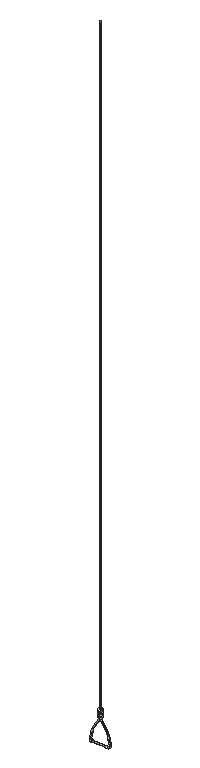
Revit family "Wire-HunterDouglas-Lay-In", category Specialty Equipment, Revit 2013
Parameters (values of type "Parametric")
  ecoScorecard_data = "http://products.ecoscorecard.com/hunterdouglascontract/PTLI"
  ecoScorecard Product Page = "http://hunterdouglascontract.ecoscorecard.com/product/PTLI?base_search=product_category_A1035"
  Wire Hanger = Metal - Aluminum Frame - HunterDouglas - Painted White
  URL = "http://www.hunterdouglascontract.com/ceilings/index.jsp"
  Subcategory = "Metal – Plank and Tile"  # constant formula
  Product Line = "Lay-In"  # constant formula
  Perforations = "http://www.hunterdouglascontract.com/ceilings/metalsystems/plank/layin/index.jsp?t=perfPage"
  Model = "Lay-In Hanger-Wire"  # constant formula
  Manufacturer = "Hunter Douglas Luxalon Metal Ceilings"  # constant formula
  Hanger Wire Height [instance] = 3' - 0"
  Description = "Hanger_Wire"  # constant formula
  Color Finishes = "http://www.hunterdouglascontract.com/ceilings/metalsystems/plank/layin/index.jsp?t=colorPage"
  Assembly Code = "C3030200"
  95 CSI = "09510"  # constant formula
  04 CSI = "09 51 00"  # constant formula
Reference planes (in)
  plane 1 "Center (Front/Back)": y = 0
  plane 2: z = 0
  plane 3 "Center (Left/Right)": x = 0
  plane 4: x = -0.77248
  plane 5: x = 0.77248
  plane 6: z = 2.4375
  plane 7: z = 2.5
  plane 8: z = 36
Dimensions and locks (in)
  equal spacing: plane 4, plane 3 "Center (Left/Right)", plane 5
  plane 4 to plane 5 = 0' - 1.54495"
  locked: plane 6 to plane 7 at 0.0625
  locked: plane 6 to level at 2.4375
  "Hanger Wire Height": plane 8 to level
  aligned and locked: level to plane 2
  aligned and locked: plane 3 "Center (Left/Right)" to nested 1
  aligned and locked: plane 1 "Center (Front/Back)" to nested 1
  aligned and locked: plane 6 to nested 1
Nested families (in)
  nested 1: "Wire" at (0, 0, 0), type "Parametric"
Definition of nested family "Wire"
  Parameters (values of type "Parametric")
    Wire Hanger = Metal - Aluminum Frame - HunterDouglas - Painted White
    URL = "http://www.hunterdouglascontract.com/ceilings/index.jsp"
    Subcategory = "Metal – Linear"  # constant formula
    Product Line = "6-7 Box Series & Deep Box"  # constant formula
    Model = "6-7 Box Series & Deep Box Hanger Wire"  # constant formula
    Manufacturer = "Hunter Douglas Luxalon Metal Ceilings"  # constant formula
    HangerWire Length = 3' - 0"
    Description = "Hanger_Wire"  # constant formula
    Assembly Code = "C3030200"
    95 CSI = "09510"  # constant formula
    04 CSI = "09 51 00"  # constant formula
  Reference planes (in)
    plane 1 "Center (Front/Back)": y = 0
    plane 2: z = 0
    plane 3 "Center (Left/Right)": x = 0
    plane 4: x = -0.77248
    plane 5: x = 0.77248
    plane 6: z = 2.4375
    plane 7: z = 2.5
    plane 8: z = 36
  Forms (in)
    Sweep 1, solid, material "Metal - Aluminum Frame - HunterDouglas - Painted White" <- "Wire Hanger", detail levels fine
      path origin (0, 0, 0) x (1, 0, 0) y (0, 0, 1)
        loop
          line (0.03125, 36) -> (0.03125, 3.70793) -> (0.38236, 3.14135)
          arc (0.38236, 3.14135) -> (0.44435, 3.01623) -> (0.48166, 2.88166) r 0.73777
          line (0.48166, 2.88166) -> (0.5376, 2.56649)
          arc (0.5376, 2.56649) -> (0.51364, 2.47677) -> (0.42949, 2.4375) r 0.1098
          line (0.42949, 2.4375) -> (-0.42976, 2.4375)
          arc (-0.42976, 2.4375) -> (-0.51374, 2.47669) -> (-0.53765, 2.56622) r 0.10957
          line (-0.53765, 2.56622) -> (-0.48246, 2.87715)
          arc (-0.48246, 2.87715) -> (-0.44395, 3.01607) -> (-0.37995, 3.14524) r 0.76163
          line (-0.37995, 3.14524) -> (-0.0384, 3.69638)
      profile origin (-0.00014, 0, 2.4375) x (0, 0, -1) y (0, -1, 0)
        loop
          circle (-0.03125, 0) r 0.03125
    Revolve 2, solid, material "Metal - Aluminum Frame - HunterDouglas - Painted White" <- "Wire Hanger", detail levels fine
      sketch origin (-1.10243, 0, 0.17393) x (0.947216, 0, -0.320596) y (0.320596, 0, 0.947216)
        loop
          line (-0.19925, 4.08974) -> (-0.26999, 4.08974)
          arc (-0.26999, 4.08974) -> (-0.30124, 4.05849) -> (-0.26999, 4.02724) r 0.03125
          line (-0.26999, 4.02724) -> (-0.19925, 4.02724) -> (-0.19925, 4.08974)
        axis (-0.19925, 4.02724) -> (-0.19925, 4.08974)
      angle from 0 to 360
    Revolve 3, solid, material "Metal - Aluminum Frame - HunterDouglas - Painted White" <- "Wire Hanger", detail levels fine
      sketch origin (-1.10243, 0, 0.1083) x (0.947216, 0, -0.320596) y (0.320596, 0, 0.947216)
        loop
          line (-0.19925, 4.08974) -> (-0.26999, 4.08974)
          arc (-0.26999, 4.08974) -> (-0.30124, 4.05849) -> (-0.26999, 4.02724) r 0.03125
          line (-0.26999, 4.02724) -> (-0.19925, 4.02724) -> (-0.19925, 4.08974)
        axis (-0.19925, 4.02724) -> (-0.19925, 4.08974)
      angle from 0 to 360
    Revolve 4, solid, material "Metal - Aluminum Frame - HunterDouglas - Painted White" <- "Wire Hanger", detail levels fine
      sketch origin (-1.10243, 0, 0.04197) x (0.947216, 0, -0.320596) y (0.320596, 0, 0.947216)
        loop
          line (-0.19925, 4.08974) -> (-0.26999, 4.08974)
          arc (-0.26999, 4.08974) -> (-0.30124, 4.05849) -> (-0.26999, 4.02724) r 0.03125
          line (-0.26999, 4.02724) -> (-0.19925, 4.02724) -> (-0.19925, 4.08974)
        axis (-0.19925, 4.02724) -> (-0.19925, 4.08974)
      angle from 0 to 360
    Revolve 5, solid, material "Metal - Aluminum Frame - HunterDouglas - Painted White" <- "Wire Hanger", detail levels fine
      sketch origin (-1.10243, 0, -0.02402) x (0.947216, 0, -0.320596) y (0.320596, 0, 0.947216)
        loop
          line (-0.19925, 4.08974) -> (-0.26999, 4.08974)
          arc (-0.26999, 4.08974) -> (-0.30124, 4.05849) -> (-0.26999, 4.02724) r 0.03125
          line (-0.26999, 4.02724) -> (-0.19925, 4.02724) -> (-0.19925, 4.08974)
        axis (-0.19925, 4.02724) -> (-0.19925, 4.08974)
      angle from 0 to 360
    Revolve 6, solid, material "Metal - Aluminum Frame - HunterDouglas - Painted White" <- "Wire Hanger", detail levels fine
      sketch origin (-1.10243, 0, -0.09) x (0.947216, 0, -0.320596) y (0.320596, 0, 0.947216)
        loop
          line (-0.19925, 4.08974) -> (-0.26999, 4.08974)
          arc (-0.26999, 4.08974) -> (-0.30124, 4.05849) -> (-0.26999, 4.02724) r 0.03125
          line (-0.26999, 4.02724) -> (-0.19925, 4.02724) -> (-0.19925, 4.08974)
        axis (-0.19925, 4.02724) -> (-0.19925, 4.08974)
      angle from 0 to 360
    Revolve 7, solid, material "Metal - Aluminum Frame - HunterDouglas - Painted White" <- "Wire Hanger", detail levels fine
      sketch origin (-1.10243, 0, -0.15751) x (0.947216, 0, -0.320596) y (0.320596, 0, 0.947216)
        loop
          line (-0.19925, 4.08974) -> (-0.26999, 4.08974)
          arc (-0.26999, 4.08974) -> (-0.30124, 4.05849) -> (-0.26999, 4.02724) r 0.03125
          line (-0.26999, 4.02724) -> (-0.19925, 4.02724) -> (-0.19925, 4.08974)
        axis (-0.19925, 4.02724) -> (-0.19925, 4.08974)
      angle from 0 to 360
  Cuts and joins
    joined: Sweep 1, Revolve 3, Revolve 5, Revolve 7
  Lines and regions (in)
    model lines, style "Wire", detail levels coarse+medium
      curve 1: line (0, 0, 36) -> (0, 0, 2.5)
    symbolic lines, style "Wire", detail levels fine
      curve 2: line (-0.50903, 0.03125, 0) -> (-0.08588, 0.03125, 0)
      curve 3: line (0.50903, -0.03126, 0) -> (0.10541, -0.03126, 0)
      curve 4: arc (0.50903, 0.03125, 0) -> (0.54029, 0, 0) -> (0.50903, -0.03126, 0) r 0.03125
      curve 5: arc (-0.50903, 0.03125, 0) -> (-0.54029, 0, 0) -> (-0.50903, -0.03126, 0) r 0.03125
      curve 6: circle (0.00977, 0, 0) r 0.10062 normal (0, 0, 1)
      curve 7: circle (0, 0, 0) r 0.03125 normal (0, 0, 1)
      curve 8: line (0.10541, 0.03125, 0) -> (0.50903, 0.03125, 0)
      curve 9: line (-0.08587, -0.03126, 0) -> (-0.50903, -0.03126, 0)
      curve 43: line (-0.03122, 0, 36) -> (0.03122, 0, 36)
      curve 44: line (0.03122, 0, 36) -> (0.03122, 0, 4.1081)
      curve 45: line (-0.04684, 0, 4.13498) -> (0.08788, 0, 4.08859)
      curve 46: line (-0.07537, 0, 4.07858) -> (0.06749, 0, 4.02939)
      curve 47: arc (0.08788, 0, 4.08859) -> (0.10729, 0, 4.0488) -> (0.06749, 0, 4.02939) r 0.03131
      curve 48: arc (-0.04684, 0, 4.13498) -> (-0.08569, 0, 4.11922) -> (-0.07537, 0, 4.07858) r 0.0319
      curve 49: arc (0.08788, 0, 4.02237) -> (0.10784, 0, 3.98437) -> (0.0711, 0, 3.96216) r 0.03131
      curve 50: arc (-0.04684, 0, 4.06876) -> (-0.08551, 0, 4.05335) -> (-0.07602, 0, 4.01282) r 0.0319
      curve 51: line (-0.07602, 0, 4.01282) -> (0.0711, 0, 3.96216)
      curve 52: arc (0.08788, 0, 3.95615) -> (0.10784, 0, 3.91815) -> (0.0711, 0, 3.89594) r 0.03131
      curve 53: arc (-0.04684, 0, 4.00254) -> (-0.08551, 0, 3.98713) -> (-0.07602, 0, 3.9466) r 0.0319
      curve 54: line (-0.07602, 0, 3.9466) -> (0.0711, 0, 3.89594)
      curve 55: arc (0.08788, 0, 3.88993) -> (0.10784, 0, 3.85193) -> (0.0711, 0, 3.82972) r 0.03131
      curve 56: arc (-0.04684, 0, 3.93632) -> (-0.08551, 0, 3.92091) -> (-0.07602, 0, 3.88038) r 0.0319
      curve 57: line (-0.07602, 0, 3.88038) -> (0.0711, 0, 3.82972)
      curve 58: arc (0.08788, 0, 3.82371) -> (0.10784, 0, 3.78571) -> (0.0711, 0, 3.7635) r 0.03131
      curve 59: arc (-0.04684, 0, 3.8701) -> (-0.08551, 0, 3.85469) -> (-0.07602, 0, 3.81416) r 0.0319
      curve 60: line (-0.07602, 0, 3.81416) -> (0.0711, 0, 3.7635)
      curve 61: arc (0.08788, 0, 3.75749) -> (0.10784, 0, 3.71949) -> (0.0711, 0, 3.69728) r 0.03131
      curve 62: arc (-0.04684, 0, 3.80388) -> (-0.08551, 0, 3.78847) -> (-0.07602, 0, 3.74794) r 0.0319
      curve 63: line (-0.07602, 0, 3.74794) -> (0.0711, 0, 3.69728)
      curve 64: line (-0.0384, 0, 3.69638) -> (-0.37724, 0, 3.14961)
      curve 65: line (-0.53854, 0, 2.57083) -> (-0.47845, 0, 2.89346)
      curve 66: arc (-0.47845, 0, 2.89346) -> (-0.43931, 0, 3.02606) -> (-0.37724, 0, 3.14961) r 0.77561
      curve 67: arc (-0.53854, 0, 2.57083) -> (-0.5193, 0, 2.48393) -> (-0.44337, 0, 2.4375) r 0.11373
      curve 68: line (0.08629, 0, 3.61911) -> (-0.0384, 0, 3.69638)
      curve 69: spline (-0.02925, 0, 3.69071) -> (-0.02601, 0, 3.69164) -> (-0.02149, 0, 3.69294) -> (-0.01593, 0, 3.69453) -> (-0.00958, 0, 3.69634) -> (-0.00276, 0, 3.69828) -> (0.00419, 0, 3.70026) -> (0.01093, 0, 3.70218) -> (0.01714, 0, 3.70394) -> (0.02251, 0, 3.70547) -> (0.02678, 0, 3.70667) -> (0.02974, 0, 3.70751) -> (0.03125, 0, 3.70793)
      curve 70: line (0, 0, 3.6397) -> (-0.32412, 0, 3.11669)
      curve 71: arc (-0.41709, 0, 2.88159) -> (-0.3811, 0, 3.00329) -> (-0.32412, 0, 3.11669) r 0.71311
      curve 72: line (-0.4771, 0, 2.55939) -> (-0.41709, 0, 2.88159)
      curve 73: arc (-0.4771, 0, 2.55939) -> (-0.46843, 0, 2.52024) -> (-0.43423, 0, 2.49933) r 0.05123
      curve 74: line (0.03122, 0, 36) -> (-0.03122, 0, 36)
      curve 75: line (-0.03122, 0, 36) -> (-0.03122, 0, 4.1296)
      curve 76: line (0.02882, 0, 3.71184) -> (0.37724, 0, 3.14961)
      curve 77: line (0.53854, 0, 2.57083) -> (0.47845, 0, 2.89346)
      curve 78: arc (0.47845, 0, 2.89346) -> (0.43931, 0, 3.02606) -> (0.37724, 0, 3.14961) r 0.77561
      curve 79: arc (0.53854, 0, 2.57083) -> (0.5193, 0, 2.48393) -> (0.44337, 0, 2.4375) r 0.11373
      curve 80: arc (0.4771, 0, 2.55939) -> (0.46843, 0, 2.52024) -> (0.43423, 0, 2.49933) r 0.05123
      curve 81: line (0.4771, 0, 2.55939) -> (0.41709, 0, 2.88159)
      curve 82: arc (0.41709, 0, 2.88159) -> (0.3811, 0, 3.00329) -> (0.32412, 0, 3.11669) r 0.71311
      curve 83: line (0, 0, 3.6397) -> (0.32412, 0, 3.11669)
      curve 84: line (-0.43423, 0, 2.49933) -> (0.43423, 0, 2.49933)
      curve 85: line (0.44337, 0, 2.4375) -> (-0.44337, 0, 2.4375)
      curve 86: line (-0.03122, 0, 3.73252) -> (-0.03122, 0, 3.69194)
    symbolic lines, style "Wire"
      curve 10: line (0, 0.03125, 36) -> (0, -0.03125, 36)
      curve 11: line (0, 0.03125, 2.46831) -> (0, 0.03125, 3.69854)
      curve 12: line (0, -0.03125, 36) -> (0, -0.03125, 4.05165)
      curve 13: arc (0, -0.08474, 4.0503) -> (0, -0.10167, 4.01557) -> (0, -0.08145, 3.98266) r 0.04011
      curve 14: arc (0, -0.08145, 3.98266) -> (0, -0.04212, 3.96692) -> (0, 0, 3.96236) r 0.15569
      curve 15: arc (0, 0.08474, 4.0503) -> (0, 0.10167, 4.01557) -> (0, 0.08145, 3.98266) r 0.04011
      curve 16: arc (0, 0.08145, 3.98266) -> (0, 0.04212, 3.96692) -> (0, 0, 3.96236) r 0.15569
      curve 17: arc (0, 0.03125, 4.05165) -> (0, 0, 4.04216) -> (0, -0.03125, 4.05165) r 0.05621
      curve 18: arc (0, -0.08169, 3.9828) -> (0, -0.10172, 3.94794) -> (0, -0.08145, 3.91321) r 0.04011
      curve 19: arc (0, -0.08145, 3.91321) -> (0, -0.04212, 3.89747) -> (0, 0, 3.89291) r 0.15569
      curve 20: arc (0, 0.08169, 3.9828) -> (0, 0.10172, 3.94794) -> (0, 0.08145, 3.91321) r 0.04011
      curve 21: arc (0, 0.08145, 3.91321) -> (0, 0.04212, 3.89747) -> (0, 0, 3.89291) r 0.15569
      curve 22: arc (0, -0.08474, 3.91531) -> (0, -0.10167, 3.88058) -> (0, -0.08145, 3.84767) r 0.04011
      curve 23: arc (0, -0.08145, 3.84767) -> (0, -0.04212, 3.83193) -> (0, 0, 3.82736) r 0.15569
      curve 24: arc (0, 0.08474, 3.91531) -> (0, 0.10167, 3.88058) -> (0, 0.08145, 3.84767) r 0.04011
      curve 25: arc (0, 0.08145, 3.84767) -> (0, 0.04212, 3.83193) -> (0, 0, 3.82736) r 0.15569
      curve 26: arc (0, -0.08474, 3.84977) -> (0, -0.10167, 3.81504) -> (0, -0.08145, 3.78213) r 0.04011
      curve 27: arc (0, -0.08145, 3.78213) -> (0, -0.04212, 3.76638) -> (0, 0, 3.76182) r 0.15569
      curve 28: arc (0, 0.08474, 3.84977) -> (0, 0.10167, 3.81504) -> (0, 0.08145, 3.78213) r 0.04011
      curve 29: arc (0, 0.08145, 3.78213) -> (0, 0.04212, 3.76638) -> (0, 0, 3.76182) r 0.15569
      curve 30: arc (0, -0.08474, 3.78422) -> (0, -0.10167, 3.7495) -> (0, -0.08145, 3.71659) r 0.04011
      curve 31: arc (0, -0.08145, 3.71659) -> (0, -0.04212, 3.70084) -> (0, 0, 3.69628) r 0.15569
      curve 32: arc (0, 0.08474, 3.78422) -> (0, 0.10167, 3.7495) -> (0, 0.08145, 3.71659) r 0.04011
      curve 33: arc (0, 0.08145, 3.71659) -> (0, 0.04212, 3.70084) -> (0, 0, 3.69628) r 0.15569
      curve 34: line (0, 0.03125, 4.05165) -> (0, 0.03125, 36)
      curve 35: line (0, -0.03125, 3.69854) -> (0, -0.03125, 2.46831)
      curve 36: arc (0, -0.03125, 2.46831) -> (0, 0, 2.43706) -> (0, 0.03125, 2.46831) r 0.03125
      curve 37: arc (0, -0.08474, 4.11584) -> (0, -0.10167, 4.08112) -> (0, -0.08145, 4.0482) r 0.04011
      curve 38: arc (0, -0.08145, 4.0482) -> (0, -0.04212, 4.03246) -> (0, 0, 4.0279) r 0.15569
      curve 39: arc (0, 0.08474, 4.11584) -> (0, 0.10167, 4.08112) -> (0, 0.08145, 4.0482) r 0.04011
      curve 40: arc (0, 0.08145, 4.0482) -> (0, 0.04212, 4.03246) -> (0, 0, 4.0279) r 0.15569
      curve 41: arc (0, -0.08474, 4.11584) -> (0, -0.05931, 4.12919) -> (0, -0.03125, 4.13531) r 0.10721
      curve 42: arc (0, 0.08474, 4.11584) -> (0, 0.05931, 4.12919) -> (0, 0.03125, 4.13531) r 0.10721
  Dimensions and locks (in)
    equal spacing: plane 4, plane 3 "Center (Left/Right)", plane 5
    plane 4 to plane 5 = 0' - 1.54495"
    locked: plane 6 to plane 7 at 0.0625
    locked: plane 6 to level at 2.4375
    "HangerWire Length": plane 8 to level
    aligned and locked: level to plane 2
    aligned and locked: Sweep 1 sketch curve to plane 6
    aligned and locked: plane 8 to Sweep 1 sketch curve
    aligned and locked: curve 1 to plane 3 "Center (Left/Right)"
    aligned and locked: plane 7 to curve 1
    aligned and locked: plane 8 to curve 1
    aligned and locked: curve 7 to cut or joined group of Sweep 1, Revolve 3, Revolve 5, Revolve 7
    aligned and locked: curve 68 to cut or joined group of Sweep 1, Revolve 3, Revolve 5, Revolve 7
  Automatic sketch dimensions
    Sweep 1 sketch curve to plane 1 "Center (Front/Back)" = 0' - 0"
    profile plane to Sweep 1 sketch curve = 0' - 0 1/32"
    Revolve 2 sketch curve to plane 3 "Center (Left/Right)" = 0' - 0.06706"
    Revolve 2 sketch curve to Revolve 2 sketch curve = 0' - 0.07074"
    Revolve 2 sketch curve to Revolve 2 sketch curve = 0' - 0"  (x2)
    Revolve 2 sketch curve to Revolve 2 sketch curve = 0' - 0 1/32"
    Revolve 2 sketch curve to Revolve 2 sketch curve = 0' - 0.02781"
    Revolve 3 sketch curve to plane 3 "Center (Left/Right)" = 0' - 0.06706"
    Revolve 3 sketch curve to Revolve 3 sketch curve = 0' - 0.07074"
    Revolve 3 sketch curve to Revolve 3 sketch curve = 0' - 0"  (x2)
    Revolve 3 sketch curve to Revolve 3 sketch curve = 0' - 0 1/32"
    Revolve 3 sketch curve to Revolve 3 sketch curve = 0' - 0.02781"
    Revolve 4 sketch curve to plane 3 "Center (Left/Right)" = 0' - 0.06706"
    Revolve 4 sketch curve to Revolve 4 sketch curve = 0' - 0.07074"
    Revolve 4 sketch curve to Revolve 4 sketch curve = 0' - 0"  (x2)
    Revolve 4 sketch curve to Revolve 4 sketch curve = 0' - 0 1/32"
    Revolve 4 sketch curve to Revolve 4 sketch curve = 0' - 0.02781"
    Revolve 5 sketch curve to plane 3 "Center (Left/Right)" = 0' - 0.06706"
    Revolve 5 sketch curve to Revolve 5 sketch curve = 0' - 0.07074"
    Revolve 5 sketch curve to Revolve 5 sketch curve = 0' - 0"  (x2)
    Revolve 5 sketch curve to Revolve 5 sketch curve = 0' - 0 1/32"
    Revolve 5 sketch curve to Revolve 5 sketch curve = 0' - 0.02781"
    Revolve 6 sketch curve to plane 3 "Center (Left/Right)" = 0' - 0.06706"
    Revolve 6 sketch curve to Revolve 6 sketch curve = 0' - 0.07074"
    Revolve 6 sketch curve to Revolve 6 sketch curve = 0' - 0"  (x2)
    Revolve 6 sketch curve to Revolve 6 sketch curve = 0' - 0 1/32"
    Revolve 6 sketch curve to Revolve 6 sketch curve = 0' - 0.02781"
    Revolve 7 sketch curve to plane 3 "Center (Left/Right)" = 0' - 0.06706"
    Revolve 7 sketch curve to Revolve 7 sketch curve = 0' - 0.07074"
    Revolve 7 sketch curve to Revolve 7 sketch curve = 0' - 0"  (x2)
    Revolve 7 sketch curve to Revolve 7 sketch curve = 0' - 0 1/32"
    Revolve 7 sketch curve to Revolve 7 sketch curve = 0' - 0.02781"
    plane 7 to Sweep 1 sketch curve = 0' - 0.06622"
    Sweep 1 sketch curve to plane 4 = 0' - 0.23483"
    Sweep 1 sketch curve to plane 4 = 0' - 0.29002"
    Sweep 1 sketch curve to Sweep 1 sketch curve = 0' - 0.10788"
    Sweep 1 sketch curve to Sweep 1 sketch curve = 0' - 0.10251"
    Sweep 1 sketch curve to plane 3 "Center (Left/Right)" = 0' - 0.24476"
    Sweep 1 sketch curve to plane 3 "Center (Left/Right)" = 0' - 0.0384"
    plane 3 "Center (Left/Right)" to Sweep 1 sketch curve = 0' - 0 1/32"
    plane 3 "Center (Left/Right)" to Sweep 1 sketch curve = 0' - 0.26745"
    plane 3 "Center (Left/Right)" to Sweep 1 sketch curve = 0' - 0.38236"
    Sweep 1 sketch curve to plane 5 = 0' - 0.34298"
    Sweep 1 sketch curve to Sweep 1 sketch curve = 0' - 0.21421"
    plane 7 to Sweep 1 sketch curve = 0' - 0.06649"
    Sweep 1 sketch curve to Sweep 1 sketch curve = 0' - 0.10811"
    plane 7 to Sweep 1 sketch curve = 0' - 0.24405"
    plane 7 to Sweep 1 sketch curve = 0' - 0.25273"
    Sweep 1 sketch curve to Sweep 1 sketch curve = 0' - 0.12442"
    Sweep 1 sketch curve to Sweep 1 sketch curve = 0' - 0.13761"
    Sweep 1 sketch curve to Sweep 1 sketch curve = 0' - 0.55114"
    Sweep 1 sketch curve to Sweep 1 sketch curve = 0' - 0.01154"
    plane 7 to Revolve 2 sketch curve = 0' - 1.57516"
    plane 7 to Revolve 3 sketch curve = 0' - 1.50953"
    plane 7 to Revolve 4 sketch curve = 0' - 1.44319"
    plane 7 to Revolve 5 sketch curve = 0' - 1.37721"
    plane 7 to Revolve 6 sketch curve = 0' - 1.31123"
    plane 7 to Revolve 7 sketch curve = 0' - 1.24371"
    plane 1 "Center (Front/Back)" to curve 6 = 0' - 0"
    curve 2 to plane 1 "Center (Front/Back)" = 0' - 0 1/32"
    curve 2 to plane 4 = 0' - 0.26344"
    plane 3 "Center (Left/Right)" to curve 6 = 0' - 0.00977"
    plane 1 "Center (Front/Back)" to curve 3 = 0' - 0 1/32"
    curve 3 to plane 5 = 0' - 0.26344"
    plane 3 "Center (Left/Right)" to curve 8 = 0' - 0.10541"
    plane 1 "Center (Front/Back)" to curve 4 = 0' - 0"
    plane 1 "Center (Front/Back)" to curve 5 = 0' - 0 1/32"
    curve 12 to plane 8 = 0' - 0"
    curve 17 to plane 1 "Center (Front/Back)" = 0' - 0"
    curve 25 to plane 1 "Center (Front/Back)" = 0' - 0"
    curve 21 to plane 1 "Center (Front/Back)" = 0' - 0"
    curve 33 to plane 1 "Center (Front/Back)" = 0' - 0"
    curve 38 to plane 1 "Center (Front/Back)" = 0' - 0"
    curve 36 to plane 1 "Center (Front/Back)" = 0' - 0"
    curve 14 to plane 1 "Center (Front/Back)" = 0' - 0"
    curve 27 to plane 1 "Center (Front/Back)" = 0' - 0"
    plane 1 "Center (Front/Back)" to curve 19 = 0' - 0.00445"
    plane 1 "Center (Front/Back)" to curve 23 = 0' - 0.00445"
    plane 1 "Center (Front/Back)" to curve 14 = 0' - 0.00445"
    plane 1 "Center (Front/Back)" to curve 27 = 0' - 0.00445"
    plane 1 "Center (Front/Back)" to curve 38 = 0' - 0.00445"
    plane 1 "Center (Front/Back)" to curve 31 = 0' - 0.00445"
    plane 1 "Center (Front/Back)" to curve 41 = 0' - 0.02264"
    plane 1 "Center (Front/Back)" to curve 10 = 0' - 0 1/32"
    curve 36 to curve 36 = 0' - 0 1/32"
    curve 30 to curve 35 = 0' - 0.03036"
    plane 1 "Center (Front/Back)" to curve 26 = 0' - 0.06161"
    curve 13 to curve 41 = 0' - 0.03896"
    plane 1 "Center (Front/Back)" to curve 22 = 0' - 0.06161"
    curve 27 to curve 30 = 0' - 0.01984"
    curve 18 to curve 22 = 0' - 0.01984"
    curve 30 to curve 30 = 0' - 0.01984"
    curve 26 to curve 27 = 0' - 0"
    curve 38 to curve 13 = 0' - 0.01984"
    curve 37 to curve 38 = 0' - 0"
    curve 19 to curve 18 = 0' - 0"
    curve 31 to curve 30 = 0' - 0"
    curve 22 to curve 26 = 0' - 0.01984"
    curve 13 to curve 18 = 0' - 0.01984"
    curve 14 to curve 13 = 0' - 0"
    curve 23 to curve 22 = 0' - 0"
    curve 18 to curve 13 = 0' - 0.00025"
    curve 30 to curve 26 = 0' - 0.0033"
    curve 13 to curve 38 = 0' - 0.0033"
    curve 22 to curve 19 = 0' - 0.0033"
    curve 41 to curve 37 = 0' - 0.02313"
    curve 26 to curve 22 = 0' - 0.0033"
    curve 25 to plane 1 "Center (Front/Back)" = 0' - 0.00445"
    curve 29 to plane 1 "Center (Front/Back)" = 0' - 0.00445"
    curve 40 to plane 1 "Center (Front/Back)" = 0' - 0.00445"
    curve 16 to plane 1 "Center (Front/Back)" = 0' - 0.00445"
    curve 33 to plane 1 "Center (Front/Back)" = 0' - 0.00445"
    curve 21 to plane 1 "Center (Front/Back)" = 0' - 0.00445"
    curve 42 to plane 1 "Center (Front/Back)" = 0' - 0.02264"
    curve 10 to plane 1 "Center (Front/Back)" = 0' - 0 1/32"
    curve 24 to plane 1 "Center (Front/Back)" = 0' - 0.06161"
    curve 42 to curve 15 = 0' - 0.03896"
    curve 11 to curve 32 = 0' - 0.03036"
    curve 28 to plane 1 "Center (Front/Back)" = 0' - 0.06161"
    curve 20 to curve 16 = 0' - 0.01984"
    curve 32 to curve 28 = 0' - 0.01984"
    curve 28 to curve 25 = 0' - 0.01984"
    curve 24 to curve 25 = 0' - 0"
    curve 29 to curve 28 = 0' - 0"
    curve 32 to curve 32 = 0' - 0.01984"
    curve 24 to curve 21 = 0' - 0.01984"
    curve 20 to curve 21 = 0' - 0"
    curve 15 to curve 16 = 0' - 0"
    curve 15 to curve 40 = 0' - 0.01984"
    curve 39 to curve 40 = 0' - 0"
    curve 33 to curve 32 = 0' - 0"
    curve 16 to curve 20 = 0' - 0.00025"
    curve 39 to curve 39 = 0' - 0.02313"
    curve 28 to curve 32 = 0' - 0.0033"
    curve 25 to curve 28 = 0' - 0.0033"
    curve 20 to curve 24 = 0' - 0.0033"
    plane 7 to curve 40 = 0' - 1.68352"
    curve 38 to curve 40 = 0' - 0"
    curve 42 to curve 40 = 0' - 0.04821"
    curve 41 to curve 38 = 0' - 0.04821"
    curve 41 to curve 41 = 0' - 0.01947"
    curve 14 to curve 41 = 0' - 0.01733"
    curve 14 to curve 16 = 0' - 0"
    curve 17 to curve 14 = 0' - 0.01961"
    curve 38 to curve 21 = 0' - 0.02063"
    curve 19 to curve 21 = 0' - 0"
    curve 16 to curve 25 = 0' - 0.02063"
    curve 23 to curve 25 = 0' - 0"
    curve 16 to curve 20 = 0' - 0.00014"
    curve 19 to curve 29 = 0' - 0.02454"
    curve 27 to curve 29 = 0' - 0"
    curve 20 to curve 24 = 0' - 0.00209"
    curve 25 to curve 33 = 0' - 0.02454"
    curve 31 to curve 33 = 0' - 0"
    curve 22 to curve 26 = 0' - 0.00209"
    curve 28 to curve 32 = 0' - 0.00209"
    curve 36 to plane 6 = 0' - 0.03081"
    curve 37 to curve 41 = 0' - 0.05349"
    curve 18 to curve 13 = 0' - 0.02008"
    curve 39 to curve 39 = 0' - 0.01984"
    curve 20 to curve 24 = 0' - 0.02313"
    curve 39 to curve 15 = 0' - 0.0033"
    curve 31 to curve 38 = 0' - 0.33162"
    curve 41 to curve 12 = 0' - 0.0232"
    curve 66 to curve 71 = 0' - 0"  (x2)
    curve 67 to curve 73 = 0' - 0"  (x2)
    curve 78 to curve 82 = 0' - 0"  (x2)
    curve 79 to curve 80 = 0' - 0"  (x2)
    curve 67 to plane 6 = 0' - 0"
    curve 74 to plane 8 = 0' - 0"
    curve 83 to plane 3 "Center (Left/Right)" = 0' - 0"
    curve 69 to plane 3 "Center (Left/Right)" = 0' - 0.02925"
    curve 86 to curve 69 = 0' - 0.00197"
    curve 75 to plane 3 "Center (Left/Right)" = 0' - 0.03122"
    curve 69 to curve 86 = 0' - 0.00021"
    curve 64 to curve 86 = 0' - 0.00718"
    curve 62 to plane 3 "Center (Left/Right)" = 0' - 0.04684"
    curve 48 to curve 75 = 0' - 0 1/64"
    curve 59 to plane 3 "Center (Left/Right)" = 0' - 0.04684"
    curve 53 to plane 3 "Center (Left/Right)" = 0' - 0.04684"
    curve 56 to plane 3 "Center (Left/Right)" = 0' - 0.04684"
    curve 50 to plane 3 "Center (Left/Right)" = 0' - 0.04684"
    curve 59 to curve 59 = 0' - 0.01039"
    curve 50 to curve 50 = 0' - 0.01039"
    curve 48 to curve 48 = 0' - 0.01039"
    curve 62 to curve 62 = 0' - 0.01039"
    curve 56 to curve 56 = 0' - 0.01039"
    curve 53 to curve 53 = 0' - 0.01039"
    curve 46 to curve 50 = 0' - 0.02853"
    curve 59 to curve 62 = 0' - 0.02918"
    curve 54 to curve 56 = 0' - 0.02918"
    curve 63 to curve 62 = 0' - 0.01879"
    curve 56 to curve 59 = 0' - 0.02918"
    curve 50 to curve 53 = 0' - 0.02918"
    curve 70 to plane 3 "Center (Left/Right)" = 0' - 0.32412"
    curve 64 to curve 71 = 0' - 0.05313"
    curve 71 to curve 78 = 0' - 0.13505"
    plane 7 to curve 73 = 0' - 0.05001"
    curve 73 to curve 78 = 0' - 0.14469"
    curve 73 to plane 7 = 0' - 0.00067"
    curve 73 to curve 67 = 0' - 0.0075"
    curve 85 to curve 84 = 0' - 0.00915"
    curve 73 to curve 67 = 0' - 0.05037"
    curve 65 to curve 71 = 0' - 0.06136"
    plane 7 to curve 65 = 0' - 0.07083"
    plane 3 "Center (Left/Right)" to curve 69 = 0' - 0"
    plane 3 "Center (Left/Right)" to curve 76 = 0' - 0.02882"
    plane 3 "Center (Left/Right)" to curve 43 = 0' - 0.03122"
    curve 76 to curve 69 = 0' - 0.00243"
    plane 3 "Center (Left/Right)" to curve 47 = 0' - 0.06749"
    curve 69 to curve 63 = 0' - 0.03985"
    curve 58 to curve 63 = 0' - 0"
    curve 47 to curve 49 = 0' - 0.00361"
    curve 55 to curve 60 = 0' - 0"
    curve 51 to curve 54 = 0' - 0"
    curve 63 to curve 61 = 0' - 0.00658"
    curve 57 to curve 55 = 0' - 0.00658"
    curve 46 to curve 47 = 0' - 0.01019"
    curve 49 to curve 49 = 0' - 0.00658"
    curve 60 to curve 58 = 0' - 0.00658"
    curve 54 to curve 52 = 0' - 0.00658"
    curve 61 to curve 68 = 0' - 0.01519"
    curve 47 to curve 49 = 0' - 0.02038"
    curve 58 to curve 61 = 0' - 0.01678"
    curve 51 to curve 52 = 0' - 0.01678"
    curve 55 to curve 58 = 0' - 0.01678"
    curve 47 to curve 47 = 0' - 0.01019"
    curve 52 to curve 55 = 0' - 0.01678"
    plane 3 "Center (Left/Right)" to curve 71 = 0' - 0.28204"
    plane 3 "Center (Left/Right)" to curve 83 = 0' - 0.32412"
    curve 83 to curve 76 = 0' - 0.05313"
    curve 66 to curve 81 = 0' - 0.13505"
    plane 7 to curve 80 = 0' - 0.05001"
    curve 66 to curve 80 = 0' - 0.14469"
    curve 79 to curve 80 = 0' - 0.0075"
    curve 84 to curve 79 = 0' - 0.00915"
    curve 79 to curve 80 = 0' - 0.05037"
    curve 81 to curve 78 = 0' - 0.06136"
    curve 80 to curve 79 = 0' - 0.06144"
    curve 79 to curve 71 = 0' - 0.19104"
    curve 67 to curve 82 = 0' - 0.19104"
    curve 66 to curve 81 = 0' - 0.14054"
    curve 71 to curve 65 = 0' - 0.01187"
    curve 81 to curve 78 = 0' - 0.01187"
    curve 83 to curve 69 = 0' - 0.05101"
    curve 69 to curve 86 = 0' - 0.00186"
    curve 63 to curve 69 = 0' - 0.01064"
    curve 63 to curve 61 = 0' - 0.03061"
    curve 64 to curve 86 = 0' - 0.03613"
    curve 61 to curve 58 = 0' - 0.00601"
    curve 62 to curve 62 = 0' - 0.02577"
    curve 60 to curve 58 = 0' - 0.03061"
    curve 62 to curve 60 = 0' - 0.01028"
    curve 58 to curve 57 = 0' - 0.00601"
    curve 60 to curve 59 = 0' - 0.02577"
    curve 57 to curve 55 = 0' - 0.03061"
    curve 59 to curve 57 = 0' - 0.01028"
    curve 55 to curve 54 = 0' - 0.00601"
    curve 56 to curve 56 = 0' - 0.02577"
    curve 54 to curve 52 = 0' - 0.03061"
    curve 56 to curve 53 = 0' - 0.01028"
    curve 52 to curve 49 = 0' - 0.00601"
    curve 53 to curve 53 = 0' - 0.02577"
    curve 49 to curve 49 = 0' - 0.03061"
    curve 53 to curve 51 = 0' - 0.01028"
    curve 49 to curve 47 = 0' - 0.00702"
    curve 51 to curve 50 = 0' - 0.02577"
    curve 46 to curve 47 = 0' - 0.0296"
    curve 46 to curve 48 = 0' - 0.02623"
    radius of Sweep 1 sketch curve = 0' - 0 1/32"
